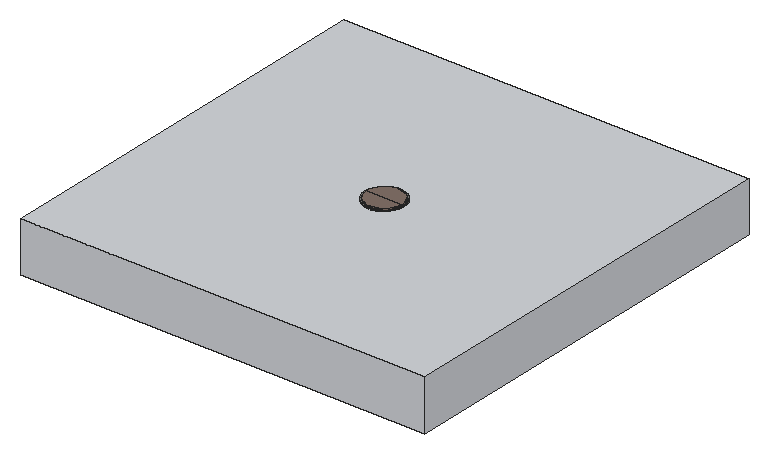
Revit family
Parameters (values of type "This family is not loaded correctly")
  Weight = 18.0 lbf
  WFU = 0
  URL = "http://www.wadedrains.com/"
  Type Comments = "This family is not loaded correctly"
  TY = yes
  Strainer Radius = Strainer Diameter / 2  # 0' - 4 5/8"
  Strainer Diameter = 0' - 9 1/4"
  NH-THR-IC = no
  Model = "1310"
  Manufacturer = "Tyler Pipe / Wade Division"
  Grate Veneer Top [instance] = yes
  Grate Material = Metal - Tyler Pipe - Nickel Bronze
  Free Area = 18.2 in²
  Flow Rate = 20 GPM
  Description = "Cast iron floor drain with integral clamping collar, seepage openings, 1/2\" trap primer tapping, ductile iron tractor grate with heel proof slots and bottom outlet."
  Grate Veneer Top Material = Wood - Tyler Pipe - Veneer
  Pivot Distance = 0' - 10"
  Pipe Radius = Pipe Diameter / 2  # 1 1/2"
  Pipe Diameter = 3"
  Offset [instance] = 0' - 0"
  Default Elevation = 4' - 0"
  Drain Body Material = Metal - Tyler Pipe - Cast Iron
  Clamping Collar Material = Metal - Tyler Pipe - Nickel Bronze
  CALC_TY Length = 0' - 2 5/32"
  CALC_Cover Height = 0' - 0 1/2"
  CALC_Connector = 0' - 0"
  CALC_Offset [instance] = 0' 10" + Offset  # 0' - 10"
  CALC_C = 0' - 2"
  CALC_B = 0' - 3 1/2"
  Assembly Code = "D2030300"
  Allow Slope Adjustments [instance] = no
Reference planes (in)
  plane 1 "Center (Front/Back)": y = 0
  plane 2: z = 0
  plane 3 "Center (Left/Right)": x = 0
  plane 4 "Top": z = 0
  plane 5 "Housing Bottom": z = -3.375
  plane 6 "Pivot": z = -10
  plane 7 "Floor": z = 0
  plane 8 "Strainer Displacement": z = -2
  plane 9 "Bottom Body Top": z = -3.5
  plane 10 "Bottom Drain Body": z = -5.5
  plane 11 "C": z = -3.5
  plane 12: x = -1.5
  plane 13 "Pipe Connector": z = -3.5
  plane 14: x = 1.5
  plane 15: x = -1.5
  plane 16: x = 1.5
  plane 17: y = -1.5
  plane 18: y = 1.5
  plane 19: z = 0
  plane 20: x = -4.625
  plane 21 "Left": x = -4.625
  plane 22 "Right": x = 4.625
  plane 23 "Front": y = -4.625
  plane 24 "Back": y = 4.625
Forms (in)
  Extrusion 1, solid
    sketch origin (0, 0, 0) x (1, 0, 0) y (0, 1, 0)
      loop
        line (-48, 48) -> (-48, -48) -> (48, -48) -> (48, 48) -> (-48, 48)
    from 0 to -12
  Revolve 2, solid, material "Wood - Tyler Pipe - Veneer" <- "Grate Veneer Top Material", visible <- "Grate Veneer Top", detail levels fine
    sketch origin (0, 0, 0) x (1, 0, 0) y (0, 0, 1)
      loop
        line (0, 0.25038) -> (-4.1812, 0.25038) -> (-4.1812, -0.24962) -> (0, -0.24962) -> (0, 0.25038)
      axis (0, 0.25038) -> (0, -0.24962)
    angle from 0 to 360
  Revolve 3, solid, material "Metal - Tyler Pipe - Nickel Bronze" <- "Clamping Collar Material", detail levels fine
    sketch origin (0, 0, 0) x (1, 0, 0) y (0, 0, 1)
      loop
        arc (-4.61842, -0.12377) -> (-4.59449, -0.17567) -> (-4.54141, -0.19685) r 0.07712
        line (-4.54141, -0.19685) -> (-4.48473, -0.19685)
        arc (-4.48473, -0.19685) -> (-4.42752, -0.21963) -> (-4.40163, -0.2755) r 0.08322
        line (-4.40163, -0.2755) -> (-4.39643, -0.37011)
        arc (-4.39643, -0.37011) -> (-4.36088, -0.44682) -> (-4.28233, -0.4781) r 0.11427
        line (-4.28233, -0.4781) -> (-4.08155, -0.4781)
        arc (-4.08155, -0.4781) -> (-4.02659, -0.50003) -> (-4.00182, -0.55376) r 0.07984
        line (-4.00182, -0.55376) -> (-3.90183, -2.46159)
        arc (-3.90183, -2.46159) -> (-3.86911, -2.53257) -> (-3.79651, -2.56153) r 0.10546
        line (-3.79651, -2.56153) -> (0, -2.56153) -> (0, -0.24962) -> (-4.20553, -0.24962) -> (-4.21926, 0) -> (-4.6249, 0) -> (-4.61842, -0.12377)
      axis (0, 0) -> (0, -2.56153)
    angle from 0 to 360
  Revolve 4, solid, material "Metal - Tyler Pipe - Cast Iron" <- "Drain Body Material", detail levels fine
    sketch origin (0, 0, 0) x (1, 0, 0) y (0, 0, 1)
      loop
        arc (-4.74565, -2.21763) -> (-4.577, -2.24265) -> (-4.43493, -2.33691) r 0.39195
        line (-4.43493, -2.33691) -> (-4.15434, -2.62872)
        arc (-4.15434, -2.62872) -> (-3.99573, -2.73811) -> (-3.80695, -2.77663) r 0.48193
        line (-3.80695, -2.77663) -> (-3.16056, -2.77663)
        arc (-3.16056, -2.77663) -> (-3.018, -2.82502) -> (-2.93436, -2.95019) r 0.23418
        line (-2.93436, -2.95019) -> (-2.78654, -3.50187)
        arc (-2.78654, -3.50187) -> (-2.67985, -3.68751) -> (-2.49506, -3.79567) r 0.41673
        line (-2.49506, -3.79567) -> (-1.70483, -4.01413) -> (0, -4.01413) -> (0, -2.55788) -> (-3.80068, -2.55788)
        arc (-3.80068, -2.55788) -> (-3.89635, -2.53885) -> (-3.97746, -2.48465) r 0.25
        line (-3.97746, -2.48465) -> (-4.24448, -2.21763)
        arc (-4.24448, -2.21763) -> (-4.43491, -2.07769) -> (-4.65844, -2.00099) r 0.78226
        arc (-4.65844, -2.00099) -> (-4.70683, -2.0124) -> (-4.73147, -2.05557) r 0.06231
        line (-4.73147, -2.05557) -> (-4.74565, -2.21763)
      axis (0, -2.00099) -> (0, -4.01413)
    angle from 0 to 360
  Revolve 5, solid, material "Metal - Tyler Pipe - Cast Iron" <- "Drain Body Material", visible <- "TY", detail levels fine
    sketch origin (0, 0, 0) x (1, 0, 0) y (0, 0, 1)
      loop
        line (-2.38754, -3.34375) -> (-2.31419, -5.44638)
        arc (-2.31419, -5.44638) -> (-2.29726, -5.48441) -> (-2.25867, -5.5) r 0.05556
        line (-2.25867, -5.5) -> (-2.06742, -5.5) -> (-1.9922, -3.34375) -> (-2.38754, -3.34375)
      axis (0, -3.34375) -> (0, -5.5)
    angle from 0 to 360
  Extrusion 6, solid, not visible
    sketch origin (0, 0, -2) x (-1, 0, 0) y (0, -1, 0)
      loop
        circle (0, 0) r 1.5
    from 0 to -1.5
  Revolve 7, solid, material "Metal - Tyler Pipe - Cast Iron" <- "Drain Body Material", visible <- "NH-THR-IC", detail levels fine
    sketch origin (0, 0, 0) x (1, 0, 0) y (0, 0, 1)
      loop
        line (1.75, -5.5) -> (1.75, -3.34375) -> (0, -3.34375) -> (0, -5.5) -> (1.75, -5.5)
      axis (0, -3.34375) -> (0, -5.5)
    angle from 0 to 360
  Revolve 8, solid, material "Metal - Tyler Pipe - Nickel Bronze" <- "Grate Material", detail levels fine
    sketch origin (0, 0, 0) x (1, 0, 0) y (0, 0, 1)
      loop
        line (0, 0) -> (-4.1812, 0) -> (-4.1812, -0.24962) -> (0, -0.24962) -> (0, 0)
      axis (0, -0.24962) -> (0, 0)
    angle from 0 to 360
Lines and regions (in)
  Masking region 1, detail levels medium+fine
    outline origin (0, 0, 0) x (1, 0, 0) y (0, 0, 1)
      loop
        line (-4.625, 0) -> (-4.625, -0.5) -> (-4.0216, -0.5) -> (-3.94299, -2) -> (-4.75, -2) -> (-4.75, -2.24286) -> (-2, -3.5) -> (-2, -5.5) -> (2, -5.5) -> (2, -3.5) -> (4.75, -2.24286) -> (4.75, -2) -> (3.94299, -2) -> (4.0216, -0.5) -> (4.625, -0.5) -> (4.625, 0) -> (-4.625, 0)
  Masking region 2, detail levels medium+fine
    outline origin (0, 0, 0) x (0, 1, 0) y (0, 0, 1)
      loop
        line (-4.625, 0) -> (-4.625, -0.5) -> (-4.029, -0.5) -> (-3.95039, -2) -> (-4.75, -2) -> (-4.75, -2.24286) -> (-2, -3.5) -> (-2, -5.5) -> (2, -5.5) -> (2, -3.5) -> (4.75, -2.24286) -> (4.75, -2) -> (3.95039, -2) -> (4.029, -0.5) -> (4.625, -0.5) -> (4.625, 0) -> (-4.625, 0)
  Masking region 3
    outline origin (0, 0, 0) x (-1, 0, 0) y (0, -1, 0)
      loop
        circle (0, 0) r 4.625
  Masking region 4, detail levels coarse
    outline origin (0, 0, 0) x (1, 0, 0) y (0, 0, 1)
      loop
        line (-4.625, -0.5) -> (4.625, -0.5) -> (4.625, 0) -> (-4.625, 0) -> (-4.625, -0.5)
  Masking region 5, detail levels coarse
    outline origin (0, 0, 0) x (0, 1, 0) y (0, 0, 1)
      loop
        line (-4.625, -0.5) -> (4.625, -0.5) -> (4.625, 0) -> (-4.625, 0) -> (-4.625, -0.5)
  model lines, detail levels coarse+medium
    curve 1: circle (0, 0, 0) r 4.625 normal (0, 0, 1)
    curve 2: line (0, 0, 0) -> (0, 0, -5.5)
  symbolic lines, detail levels fine
    curve 3: line (-2, 0, -3.5) -> (2, 0, -3.5)
    curve 6: line (0, 2, -3.5) -> (0, -2, -3.5)
    curve 7: line (-4.0216, 0, -0.5) -> (4.0216, 0, -0.5)
    curve 8: line (-4.75, 0, -2.24286) -> (4.75, 0, -2.24286)
    curve 9: line (-3.94299, 0, -2) -> (3.94299, 0, -2)
    curve 10: line (0, -4.029, -0.5) -> (0, 4.029, -0.5)
    curve 11: line (0, -3.95039, -2) -> (0, 3.95039, -2)
    curve 12: line (0, -4.75, -2.24286) -> (0, 4.75, -2.24286)
  symbolic lines, detail levels coarse
    curve 4: line (0, 0, -5.5) -> (0, 0, -0.5)
    curve 5: line (0, 0, -5.5) -> (0, 0, -0.5)
Dimensions and locks (in)
  locked: plane 4 "Top" to plane 5 "Housing Bottom" at 3.375
  "CALC_Offset": plane 4 "Top" to plane 6 "Pivot"
  locked: plane 7 "Floor" to plane 6 "Pivot" at 10
  locked: plane 4 "Top" to plane 8 "Strainer Displacement" at 2
  "CALC_C": plane 11 "C" to plane 10 "Bottom Drain Body"
  "CALC_B": plane 8 "Strainer Displacement" to plane 10 "Bottom Drain Body"
  "Pipe Radius": plane 3 "Center (Left/Right)" to plane 12
  "CALC_Connector": plane 11 "C" to plane 13 "Pipe Connector"
  "Pipe Radius": plane 14 to plane 3 "Center (Left/Right)"
  locked: Revolve 7 sketch curve to plane 14 at 0.25
  locked: plane 4 "Top" to Masking region 1 sketch curve at 0.5  (x2)
  "Strainer Radius": Masking region 1 sketch curve to plane 3 "Center (Left/Right)"
  "Strainer Radius": plane 3 "Center (Left/Right)" to Masking region 1 sketch curve
  Masking region 1 sketch curve to plane 3 "Center (Left/Right)" = 0' - 4 3/4"
  plane 3 "Center (Left/Right)" to Masking region 1 sketch curve = 0' - 4 3/4"
  "Strainer Radius": Masking region 2 sketch curve to plane 1 "Center (Front/Back)"
  "Strainer Radius": plane 1 "Center (Front/Back)" to Masking region 2 sketch curve
  locked: Masking region 2 sketch curve to plane 1 "Center (Front/Back)" at 4.75
  locked: plane 1 "Center (Front/Back)" to Masking region 2 sketch curve at 4.75
  locked: Masking region 2 sketch curve to plane 4 "Top" at 0.5
  locked: plane 4 "Top" to Masking region 2 sketch curve at 0.5
  locked: Masking region 4 sketch curve to Masking region 4 sketch curve at 0.5
  locked: Masking region 5 sketch curve to Masking region 5 sketch curve at 0.5
  "Pipe Radius": plane 3 "Center (Left/Right)" to plane 15
  "Pipe Radius": plane 16 to plane 3 "Center (Left/Right)"
  Masking region 1 sketch curve to plane 15 = 0' - 0 1/2"
  locked: plane 16 to Masking region 1 sketch curve at 0.5
  locked: Masking region 2 sketch curve to plane 17 at 0.5
  locked: plane 18 to Masking region 2 sketch curve at 0.5
  "Pipe Radius": plane 17 to plane 1 "Center (Front/Back)"
  "Pipe Radius": plane 1 "Center (Front/Back)" to plane 18
  "Strainer Radius": plane 20 to plane 3 "Center (Left/Right)"
  locked: plane 12 to Revolve 5 sketch curve at 0.56742
  locked: plane 12 to Revolve 5 sketch curve at 0.81419
  locked: plane 12 to Revolve 5 sketch curve at 0.75867
  "CALC_TY Length": Revolve 5 sketch curve to plane 10 "Bottom Drain Body"
  locked: Revolve 5 sketch curve to Revolve 5 sketch curve at 0.39533
  locked: plane 12 to Revolve 5 sketch curve at 0.4922
  equal spacing: plane 21 "Left", plane 3 "Center (Left/Right)", plane 22 "Right"
  "Strainer Radius": plane 21 "Left" to plane 3 "Center (Left/Right)"
  locked: plane 8 "Strainer Displacement" to Masking region 1 sketch curve at 0.24286  (x2)
  equal spacing: plane 24 "Back", plane 1 "Center (Front/Back)", plane 23 "Front"
  "Strainer Radius": plane 1 "Center (Front/Back)" to plane 23 "Front"
  locked: plane 4 "Top" to Revolve 3 sketch curve at 0.24962
  locked: plane 4 "Top" to Revolve 3 sketch curve at 2.56153
  locked: plane 4 "Top" to Revolve 3 sketch curve at 0.4781
  locked: plane 4 "Top" to Revolve 3 sketch curve at 0.19685
  locked: plane 4 "Top" to Revolve 3 sketch curve at 0.12377
  locked: plane 4 "Top" to Revolve 3 sketch curve at 0.55376
  locked: plane 4 "Top" to Revolve 3 sketch curve at 2.46159
  locked: plane 4 "Top" to Revolve 3 sketch curve at 0.11973
  locked: plane 4 "Top" to Revolve 3 sketch curve at 0.28007
  locked: plane 4 "Top" to Revolve 3 sketch curve at 0.36383
  locked: plane 4 "Top" to Revolve 3 sketch curve at 0.55794
  locked: plane 4 "Top" to Revolve 3 sketch curve at 2.45607
  locked: plane 8 "Strainer Displacement" to Revolve 4 sketch curve at 0.55788
  locked: plane 8 "Strainer Displacement" to Revolve 4 sketch curve at 2.01413
  locked: plane 8 "Strainer Displacement" to Revolve 4 sketch curve at 0.77663
  locked: plane 8 "Strainer Displacement" to Revolve 4 sketch curve at 0.21763  (x2)
  locked: plane 8 "Strainer Displacement" to Revolve 4 sketch curve at 0.05557
  locked: plane 8 "Strainer Displacement" to Revolve 4 sketch curve at 0.48465
  locked: plane 8 "Strainer Displacement" to Revolve 4 sketch curve at 0.33691
  locked: plane 8 "Strainer Displacement" to Revolve 4 sketch curve at 0.62872
  locked: plane 8 "Strainer Displacement" to Revolve 4 sketch curve at 0.95019
  locked: plane 8 "Strainer Displacement" to Revolve 4 sketch curve at 1.50187
  locked: plane 8 "Strainer Displacement" to Revolve 4 sketch curve at 1.79567
  locked: plane 8 "Strainer Displacement" to Revolve 4 sketch curve at 0.77077
  locked: plane 8 "Strainer Displacement" to Revolve 4 sketch curve at 0.60857
  locked: plane 8 "Strainer Displacement" to Revolve 4 sketch curve at 0.06231
  locked: plane 8 "Strainer Displacement" to Revolve 4 sketch curve at 0.2947
  locked: plane 8 "Strainer Displacement" to Revolve 4 sketch curve at 0.30788
  locked: plane 8 "Strainer Displacement" to Revolve 4 sketch curve at 1.0108
  locked: plane 8 "Strainer Displacement" to Revolve 4 sketch curve at 1.39401
  locked: Revolve 4 sketch curve to Revolve 4 sketch curve at 4.79762
  locked: Revolve 4 sketch curve to Revolve 4 sketch curve at 4.71747
  locked: Revolve 4 sketch curve to Revolve 4 sketch curve at 4.66953
  locked: Revolve 4 sketch curve to Revolve 4 sketch curve at 3.80695
  locked: Revolve 4 sketch curve to Revolve 4 sketch curve at 3.80068
  locked: Revolve 4 sketch curve to Revolve 4 sketch curve at 3.16056
  locked: Revolve 4 sketch curve to Revolve 4 sketch curve at 2.38402
  locked: Revolve 3 sketch curve to Revolve 3 sketch curve at 4.54141
  locked: Revolve 3 sketch curve to Revolve 3 sketch curve at 4.48473
  locked: Revolve 3 sketch curve to Revolve 3 sketch curve at 4.28233
  locked: Revolve 3 sketch curve to Revolve 3 sketch curve at 4.08155
  locked: Revolve 3 sketch curve to Revolve 3 sketch curve at 3.79651
  locked: plane 3 "Center (Left/Right)" to Masking region 1 sketch curve at 4.0216
  locked: plane 3 "Center (Left/Right)" to Masking region 1 sketch curve at 3.94299
  locked: Masking region 1 sketch curve to plane 3 "Center (Left/Right)" at 4.0216
  locked: Masking region 1 sketch curve to plane 3 "Center (Left/Right)" at 3.94299
  locked: Masking region 2 sketch curve to plane 1 "Center (Front/Back)" at 4.029
  locked: plane 1 "Center (Front/Back)" to Masking region 2 sketch curve at 4.029
  locked: Masking region 2 sketch curve to plane 1 "Center (Front/Back)" at 3.95039
  locked: plane 1 "Center (Front/Back)" to Masking region 2 sketch curve at 3.95039
  locked: plane 4 "Top" to Revolve 2 sketch curve at 0.24962
  locked: plane 20 to Revolve 2 sketch curve at 0.4438
  locked: Revolve 2 sketch curve to plane 4 "Top" at 0.25038
  locked: plane 4 "Top" to Revolve 8 sketch curve at 0.24962
  locked: Revolve 8 sketch curve to plane 21 "Left" at 0.4438
  "CALC_TY Length": Revolve 7 sketch curve to plane 10 "Bottom Drain Body"
  "Pipe Radius": radius of Extrusion 6 sketch curve
  "Strainer Radius": radius of Masking region 3 sketch curve
  "Strainer Radius": radius of curve 1
  aligned and locked: plane 2 to Extrusion 1
  aligned and locked: level to Extrusion 1
  aligned and locked: plane 2 to plane 7 "Floor"
  aligned and locked: plane 9 "Bottom Body Top" to plane 11 "C"
  aligned and locked: Extrusion 6 to plane 8 "Strainer Displacement"
  aligned and locked: Extrusion 6 to plane 13 "Pipe Connector"
  aligned and locked: plane 4 "Top" to curve 2
  aligned and locked: plane 10 "Bottom Drain Body" to curve 2
  aligned and locked: plane 10 "Bottom Drain Body" to Revolve 7 sketch curve
  aligned and locked: Masking region 1 sketch curve to plane 4 "Top"
  aligned and locked: Masking region 1 sketch curve to plane 10 "Bottom Drain Body"
  aligned and locked: Masking region 2 sketch curve to plane 4 "Top"
  aligned and locked: Masking region 2 sketch curve to plane 10 "Bottom Drain Body"
  aligned and locked: plane 4 "Top" to Masking region 4 sketch curve
  aligned and locked: plane 3 "Center (Left/Right)" to curve 4
  aligned and locked: Masking region 4 to curve 4
  aligned and locked: plane 4 "Top" to Masking region 5 sketch curve
  aligned and locked: plane 10 "Bottom Drain Body" to curve 5
  aligned and locked: Masking region 5 to curve 5
  aligned and locked: plane 4 "Top" to plane 19
  aligned and locked: Revolve 5 sketch curve to plane 10 "Bottom Drain Body"
  aligned and locked: Masking region 4 sketch curve to plane 21 "Left"
  aligned and locked: Masking region 4 sketch curve to plane 22 "Right"
  aligned and locked: plane 8 "Strainer Displacement" to Masking region 1 sketch curve
  aligned and locked: Masking region 1 sketch curve to plane 8 "Strainer Displacement"
  aligned and locked: curve 7 to Masking region 1  (x2)
  aligned and locked: curve 8 to Masking region 1  (x2)
  aligned and locked: curve 9 to plane 8 "Strainer Displacement"
  aligned and locked: Masking region 1 to curve 9
  aligned and locked: Masking region 2 sketch curve to plane 8 "Strainer Displacement"
  aligned and locked: plane 8 "Strainer Displacement" to Masking region 2 sketch curve
  aligned and locked: curve 11 to plane 8 "Strainer Displacement"
  aligned and locked: curve 12 to Masking region 2  (x2)
  aligned and locked: Masking region 5 sketch curve to plane 23 "Front"
  aligned and locked: Masking region 5 sketch curve to plane 24 "Back"
  aligned and locked: curve 3 to Masking region 1
  aligned and locked: Masking region 1 to curve 3
  aligned and locked: Masking region 1 to curve 8
  aligned and locked: curve 6 to Masking region 2
  aligned and locked: Masking region 2 to curve 6
  aligned and locked: Masking region 2 to curve 12
  aligned and locked: Revolve 3 sketch curve to plane 4 "Top"
  aligned and locked: Revolve 4 sketch curve to plane 3 "Center (Left/Right)"
  aligned and locked: Revolve 3 sketch curve to plane 3 "Center (Left/Right)"
  aligned and locked: curve 10 to Masking region 2
  aligned and locked: plane 3 "Center (Left/Right)" to Revolve 8 sketch curve
  aligned and locked: Revolve 8 sketch curve to plane 4 "Top"
Automatic sketch dimensions
  Extrusion 1 sketch curve to Extrusion 1 sketch curve = 8' - 0"  (x2)
  plane 1 "Center (Front/Back)" to Extrusion 6 sketch curve = 0' - 0"
  Extrusion 6 sketch curve to plane 3 "Center (Left/Right)" = 0' - 0"
  Revolve 7 sketch curve to plane 3 "Center (Left/Right)" = 0' - 0"  (x2)
  Revolve 7 sketch curve to plane 10 "Bottom Drain Body" = 0' - 1 5/8"
  Revolve 7 sketch curve to plane 8 "Strainer Displacement" = 0' - 0 1/2"
  plane 1 "Center (Front/Back)" to Masking region 3 sketch curve = 0' - 0"
  Masking region 3 sketch curve to plane 3 "Center (Left/Right)" = 0' - 0"
  Revolve 5 sketch curve to plane 3 "Center (Left/Right)" = 0' - 0"
  Revolve 5 sketch curve to Revolve 5 sketch curve = 0' - 0.05362"
  plane 10 "Bottom Drain Body" to Revolve 5 sketch curve = 0' - 0.49489"
  plane 5 "Housing Bottom" to Revolve 5 sketch curve = 0' - 0 27/128"
  plane 1 "Center (Front/Back)" to curve 1 = 0' - 0"
  curve 1 to plane 3 "Center (Left/Right)" = 0' - 0"
  Revolve 3 sketch curve to Revolve 3 sketch curve = 0' - 0.12398"
  Revolve 3 sketch curve to Revolve 3 sketch curve = 0' - 0.01373"
  Revolve 3 sketch curve to Revolve 3 sketch curve = 0' - 0.0052"
  Revolve 3 sketch curve to Revolve 3 sketch curve = 0' - 0.00649"
  plane 8 "Strainer Displacement" to Revolve 3 sketch curve = 0' - 0.03577"
  Revolve 3 sketch curve to Revolve 3 sketch curve = 0' - 0.00457"
  Revolve 3 sketch curve to Revolve 3 sketch curve = 0' - 1.49962"
  Revolve 3 sketch curve to plane 3 "Center (Left/Right)" = 0' - 0"
  Revolve 4 sketch curve to Revolve 4 sketch curve = 0' - 1.70483"
  Revolve 4 sketch curve to Revolve 4 sketch curve = 0' - 0.67919"
  Revolve 4 sketch curve to Revolve 4 sketch curve = 0' - 0.11104"
  Revolve 4 sketch curve to Revolve 4 sketch curve = 0' - 0"
  Revolve 4 sketch curve to Revolve 4 sketch curve = 0' - 0.01109"
  Revolve 4 sketch curve to Revolve 4 sketch curve = 0' - 0.01418"
  plane 10 "Bottom Drain Body" to Revolve 4 sketch curve = 0' - 0.48559"
  level to Revolve 4 sketch curve = 0' - 1 1/4"
  Masking region 1 sketch curve to plane 9 "Bottom Body Top" = 0' - 0"  (x2)
  plane 9 "Bottom Body Top" to Masking region 2 sketch curve = 0' - 0"  (x2)
  Masking region 2 sketch curve to Masking region 2 sketch curve = 0' - 0.24286"  (x2)
  curve 5 to plane 1 "Center (Front/Back)" = 0' - 0"
  plane 9 "Bottom Body Top" to curve 6 = 0' - 0"
  plane 23 "Front" to curve 10 = 0' - 0.596"
  plane 23 "Front" to curve 11 = 0' - 0.67461"
  plane 24 "Back" to curve 11 = 0' - 0.67461"
  plane 24 "Back" to curve 10 = 0' - 0.596"
  curve 3 to plane 9 "Bottom Body Top" = 0' - 0"
  plane 22 "Right" to curve 9 = 0' - 0.68201"
  plane 22 "Right" to curve 7 = 0' - 0.6034"
  Revolve 2 sketch curve to plane 3 "Center (Left/Right)" = 0' - 0"  (x2)
  Revolve 2 sketch curve to plane 8 "Strainer Displacement" = 0' - 0 3/8"
  Revolve 2 sketch curve to Revolve 2 sketch curve = 0' - 0.42088"
  Revolve 8 sketch curve to plane 3 "Center (Left/Right)" = 0' - 0"
  plane 8 "Strainer Displacement" to Revolve 8 sketch curve = 0' - 0 3/4"
  level to Revolve 8 sketch curve = 0' - 1"
Connectors (in)
  piping at (0, 0, -3.5), driven by "Allow Slope Adjustments", driven by "WFU", driven by "Pipe Radius", driven by "Flow Rate"
    settings: on Extrusion 6, index 1, connector radius 1 1/2", flow factor 0, pipe flow 20 GPM, pressure drop 0.00 psi, fitting loss kfactor 0, connector angle 0.00°, fixture units 0, flow configuration 1, flow direction 2, fitting loss method 0, system type 16, connector reference index -1, connector utility 0, adjustable connector no, is connector primary yes, fitting loss table "", connector description "Sanitary Outlet"
